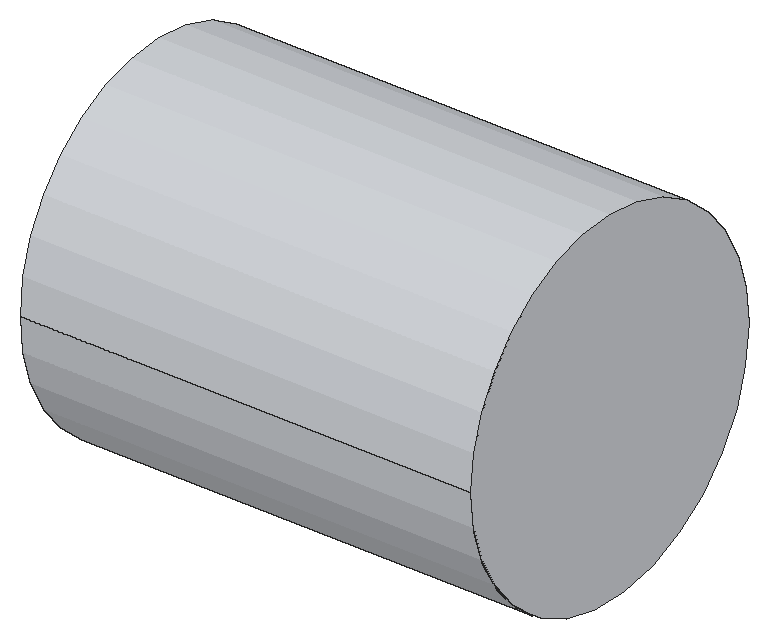
Revit family "8d6cbbe7556c477db7222f0d00088143", category Pipe Fittings, Revit 2021
Family settings
  Round Connector Dimension = Use Radius
  Part Type = Union
  OmniClass Number = 23.60.30.11.14
  OmniClass Title = Pipework Fittings
  Seek Item ID = Coupling - PVC - Sch 40-0000-USA-ENU
  Work Plane-Based = No
  Always vertical = Yes
  Cut with Voids When Loaded = No
  Shared = No
Parameters (values of type "Standard")
  Tick Size [instance] = Socket Outside Diameter * 0.4  # 0.452"
  Socket Outside Radius [instance] = Socket Outside Diameter / 2  # 0.565"
  Socket Outside Diameter [instance] = size_lookup(Lookup Table Name, "SOD", 1.13 * Nominal Diameter + 113/256", Nominal Diameter)  # 1.13"
  Nominal Radius [instance] = 1/4"
  Nominal Diameter [instance] = Nominal Radius * 2  # 1/2"
  Loss Method = K Coefficient from Table
  Lookup Table Name = "Coupling - PVC - Sch 40"
  Length 1 [instance] = Length / 2  # 0.735"
  Length [instance] = size_lookup(Lookup Table Name, "Lgt", 0.93 * Nominal Diameter + 57/64", Nominal Diameter)  # 1.47"
  K Coefficient Table = "Reducer/Coupling/Union/Increaser"
  Default Elevation = 0' - 0"
Reference planes (in)
  plane 1 "Center (Front/Back)": y = 0
  plane 2: z = 0
  plane 3 "Center (Left/Right)": x = 0
  plane 4: x = -0.735
  plane 5: x = 0.735
Forms (in)
  Extrusion 1, solid, detail levels fine
    sketch origin (0, 0, 0) x (0, 1, 0) y (0, 0, 1)
      loop
        circle (0, 0) r 0.565
    from -0.735 to 0.735
Lines and regions (in)
  model lines, detail levels coarse+medium
    curve 1: line (-0.735, 0, 0) -> (0.735, 0, 0)
    curve 2: line (-0.735, 0, 0) -> (-0.735, 0.452, 0)
    curve 3: line (-0.735, 0, 0) -> (-0.735, -0.452, 0)
    curve 4: line (0.735, 0, 0) -> (0.735, 0.452, 0)
    curve 5: line (0.735, 0, 0) -> (0.735, -0.452, 0)
Dimensions and locks (in)
  equal spacing: plane 4, plane 3 "Center (Left/Right)", plane 5
  "Length 1": plane 4 to plane 3 "Center (Left/Right)"
  "Tick Size": plane 1 "Center (Front/Back)" to curve 2
  "Tick Size": curve 3 to plane 1 "Center (Front/Back)"
  equal spacing: curve 5, plane 1 "Center (Front/Back)", curve 4
  "Tick Size": plane 1 "Center (Front/Back)" to curve 4
  "Socket Outside Radius": radius of Extrusion 1 sketch curve
  aligned and locked: plane 1 "Center (Front/Back)" to Extrusion 1 sketch curve
  aligned and locked: level to Extrusion 1 sketch curve
  aligned and locked: Extrusion 1 to plane 4
  aligned and locked: plane 1 "Center (Front/Back)" to curve 1
  aligned and locked: plane 4 to curve 1
  aligned and locked: plane 5 to curve 1
  aligned and locked: plane 5 to Extrusion 1
Connectors (in)
  piping at (-0.735, 0, 0), diameter 0.5, driven by "Nominal Radius"
    settings: on Extrusion 1, index 1, connector inside diameter 1/2", connector length 0' - 0", flow factor 0, pipe flow 0 GPM, pressure drop 0.00 psi, fitting loss kfactor 0, connector angle 0.00°, fixture units 0, engagement length 0' - 0", angle of deflection 0.00°, flow configuration 0, flow direction 0, fitting loss method 0, system type 28, joint type 0, gender type 0, connector reference index 2, connector utility 0, adjustable connector no, is connector primary yes, connector description ""
  piping at (0.735, 0, 0), diameter 0.5, driven by "Nominal Radius"
    settings: on Extrusion 1, index 2, connector inside diameter 1/2", connector length 0' - 0", flow factor 0, pipe flow 0 GPM, pressure drop 0.00 psi, fitting loss kfactor 0, connector angle 0.00°, fixture units 0, engagement length 0' - 0", angle of deflection 0.00°, flow configuration 0, flow direction 0, fitting loss method 0, system type 28, joint type 0, gender type 0, connector reference index 1, connector utility 0, adjustable connector no, is connector primary no, connector description ""
